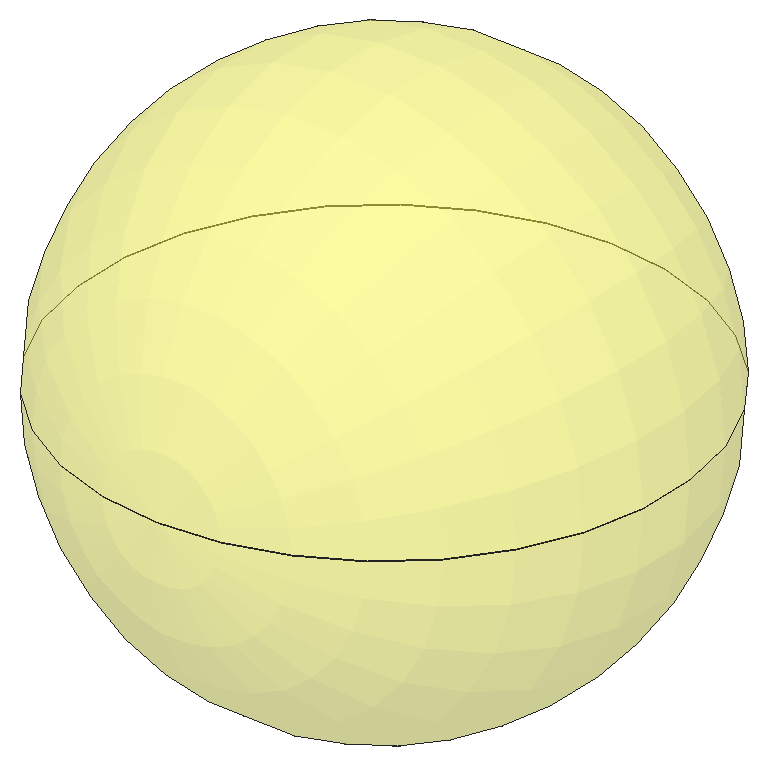
Revit family "ClashPoint", category Обобщенные модели, Revit 2022
Family settings
  Может служить основой для арматурных стержней = Нет
  Размер круглого соединителя = Использовать диаметр
  Тип детали = Нормальный
  На основе рабочей плоскости = Нет
  Всегда вертикально = Да
  При загрузке вырезать с полостями = Нет
  Сохранять ориентацию аннотаций = Нет
  Общий = Нет
  Точка принадлежности помещению = Нет
Parameters (values of type "ClashPoint")
  Отметка по умолчанию = 0 mm
  Комментарии к типоразмеру = "ClashPoint"  # constant formula
  Ключевая пометка = "SYS"  # constant formula
  Группа модели = "NavisWorks"  # constant formula
Reference planes
  plane 1 "По центру (Вперед/Назад)": y = 0
  plane 2: z = 0
  plane 3 "По центру (Влево/Вправо)": x = 0
Forms (mm)
  Revolve 1, solid, material "NavisWorks_ClashObject"
    sketch origin (0, 0, 0) x (1, 0, 0) y (0, 1, 0)
      loop
        arc (0, 500) -> (-500, 0) -> (0, -500) r 500
        line (0, -500) -> (0, 500)
      axis (0, 500) -> (0, -500)
    angle from 0 to 360
Lines and regions (mm)
  model lines, style "NavisWorks_ClashPoint"
    curve 1: circle (0, 0, 0) r 500 normal (0, 0, 1)
    curve 2: circle (0, 0, 0) r 500 normal (0, -1, 0)
    curve 3: circle (0, 0, 0) r 500 normal (1, 0, 0)
    curve 4: line (0, -750, 0) -> (0, 750, 0)
    curve 5: line (-750, 0, 0) -> (750, 0, 0)
    curve 6: line (0, 0, -750) -> (0, 0, 750)
Dimensions and locks
  aligned and locked: level to plane 2
